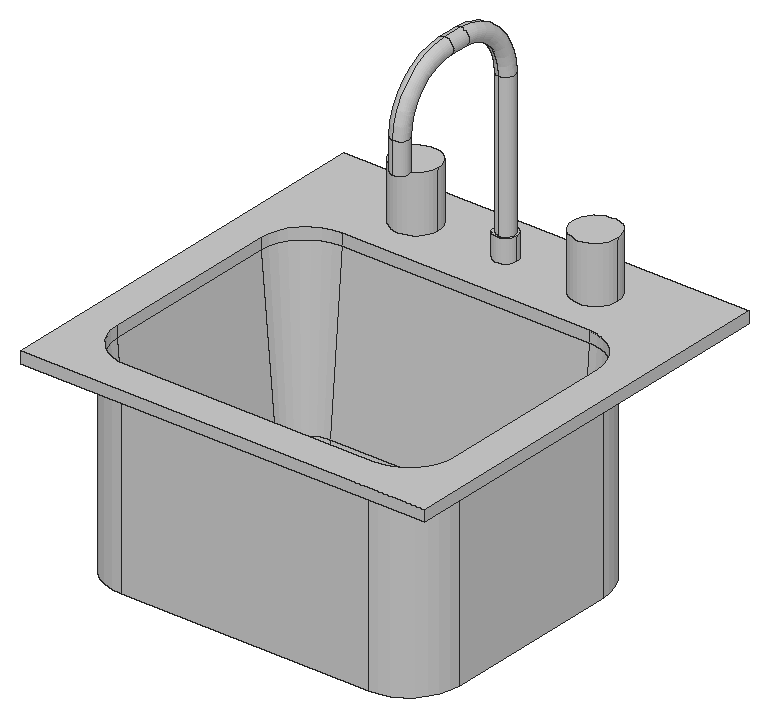
Revit family "Sink Kitchen-Island", category Plumbing Fixtures, Revit 2023
Family settings
  Round Connector Dimension = Use Diameter
  Part Type = Normal
  Work Plane-Based = No
  Enable Cutting in Views = No
  Always vertical = Yes
  Cut with Voids When Loaded = No
  Maintain Annotation Orientation = No
  Shared = Yes
  Room Calculation Point = No
Parameters (values of type "18" x 18"")
  Default Elevation = 0' - 0"
  Assembly Code = "D2010410"
  Counter Height = 3' - 0"
  Depth = 1' - 6"
  Faucet Material = Steel, Polished
  Sink Material = Steel, Polished
  Width = 1' - 6"
Reference planes (in)
  plane 1 "Center (Front/Back)": y = 0.09234
  plane 2: z = 0
  plane 3 "Center (Left/Right)": x = 0.61769
  plane 4: y = 9.09234
  plane 5: y = -8.90766
  plane 6: x = -8.38231
  plane 7: x = 9.61769
  plane 8 "Top Of Counter": z = 36
  plane 9: z = 36.5
  plane 10: z = 27.5
  plane 11: y = 4.59234
  plane 12: x = -6.88231
  plane 13: y = -7.40766
  plane 14: x = 8.11769
  plane 15: x = -3.38231
  plane 16: x = 4.61769
  plane 17: y = 6.84234
  plane 18: y = 6.84234
  plane 19: y = 6.84234
  plane 20: z = 46.375
  plane 21: y = 0.96734
  plane 22: z = 39
  plane 23: z = 37.5
Forms (in)
  Extrusion 1, solid, material "Steel, Polished" <- "Sink Material"
    sketch origin (0, 0, 0) x (1, 0, 0) y (0, 1, 0)
      loop
        line (-8.38231, 9.09234) -> (-8.38231, -8.90766) -> (9.61769, -8.90766) -> (9.61769, 9.09234) -> (-8.38231, 9.09234)
      loop
        arc (-4.88231, 4.59234) -> (-6.29653, 4.00655) -> (-6.88231, 2.59234) r 2
        line (-6.88231, 2.59234) -> (-6.88231, -5.40766)
        arc (-6.88231, -5.40766) -> (-6.29653, -6.82187) -> (-4.88231, -7.40766) r 2
        line (-4.88231, -7.40766) -> (6.11769, -7.40766)
        arc (6.11769, -7.40766) -> (7.5319, -6.82187) -> (8.11769, -5.40766) r 2
        line (8.11769, -5.40766) -> (8.11769, 2.59234)
        arc (8.11769, 2.59234) -> (7.5319, 4.00655) -> (6.11769, 4.59234) r 2
        line (6.11769, 4.59234) -> (-4.88231, 4.59234)
    from 36 to 36.5
  Sweep 2, solid, material "Steel, Polished" <- "Sink Material"
    path origin (0, 0, 0) x (1, 0, 0) y (0, 1, 0)
      loop
        arc (-4.88231, 4.59234) -> (-6.29653, 4.00655) -> (-6.88231, 2.59234) r 2
        line (-6.88231, 2.59234) -> (-6.88231, -5.40766)
        arc (-6.88231, -5.40766) -> (-6.29653, -6.82187) -> (-4.88231, -7.40766) r 2
        line (-4.88231, -7.40766) -> (6.11769, -7.40766)
        arc (6.11769, -7.40766) -> (7.5319, -6.82187) -> (8.11769, -5.40766) r 2
        line (8.11769, -5.40766) -> (8.11769, 2.59234)
        arc (8.11769, 2.59234) -> (7.5319, 4.00655) -> (6.11769, 4.59234) r 2
        line (6.11769, 4.59234) -> (-4.88231, 4.59234)
    profile origin (0.61769, 0, 0) x (0, 1, 0) y (0, 0, 1)
      loop
        line (4.59234, 36) -> (3.94139, 28.55963)
        arc (3.94139, 28.55963) -> (3.70094, 28.07204) -> (3.19424, 27.875) r 0.75
        line (3.19424, 27.875) -> (3.09234, 27.875) -> (3.09234, 27.5) -> (4.84234, 27.5) -> (4.84234, 36) -> (4.59234, 36)
  Extrusion 3, solid, material "Steel, Polished" <- "Sink Material"
    sketch origin (0, 0, 0) x (1, 0, 0) y (0, 1, 0)
      loop
        arc (-4.88231, 3.09234) -> (-5.23587, 2.94589) -> (-5.38231, 2.59234) r 0.5
        line (-5.38231, 2.59234) -> (-5.38231, -5.40766)
        arc (-5.38231, -5.40766) -> (-5.23587, -5.76121) -> (-4.88231, -5.90766) r 0.5
        line (-4.88231, -5.90766) -> (6.11769, -5.90766)
        arc (6.11769, -5.90766) -> (6.47124, -5.76121) -> (6.61769, -5.40766) r 0.5
        line (6.61769, -5.40766) -> (6.61769, 2.59234)
        arc (6.61769, 2.59234) -> (6.47124, 2.94589) -> (6.11769, 3.09234) r 0.5
        line (6.11769, 3.09234) -> (-4.88231, 3.09234)
      loop
        circle (0.61769, 0) r 1
    from 27.5 to 27.875
  Extrusion 4, solid, material "Steel, Polished" <- "Faucet Material"
    sketch origin (0, 0, 0) x (1, 0, 0) y (0, 1, 0)
      loop
        circle (-3.38231, 6.84234) r 1
      loop
        circle (4.61769, 6.84234) r 1
    from 36.5 to 39
  Sweep 5, solid, material "Steel, Polished" <- "Faucet Material"
    path origin (0.61769, 0, 0) x (0, 1, 0) y (0, 0, 1)
      loop
        line (6.84234, 36.5) -> (6.84234, 43.875)
        arc (6.84234, 43.875) -> (6.11011, 45.64277) -> (4.34234, 46.375) r 2.5
        line (4.34234, 46.375) -> (3.46734, 46.375)
        arc (3.46734, 46.375) -> (1.69957, 45.64277) -> (0.96734, 43.875) r 2.5
        line (0.96734, 43.875) -> (0.96734, 42.5)
    profile origin (0.61769, 0, 40.1875) x (0, -1, 0) y (1, 0, 0)
      loop
        circle (-6.84234, 0) r 0.375
  Extrusion 6, solid, material "Steel, Polished" <- "Faucet Material"
    sketch origin (0, 0, 0) x (1, 0, 0) y (0, 1, 0)
      loop
        circle (0.61769, 6.84234) r 0.5
    from 36.5 to 37.5
Cuts and joins
  joined: Sweep 5, Extrusion 6
  joined: Extrusion 1, Sweep 2
Lines and regions (in)
  Masking region 1
    outline origin (0, 0, 36) x (0, -1, 0) y (1, 0, 0)
      loop
        line (-9.09234, -8.38231) -> (8.90766, -8.38231) -> (8.90766, 9.61769) -> (-9.09234, 9.61769) -> (-9.09234, -8.38231)
  symbolic lines
    curve 1: arc (1.61769, 0, 36) -> (0.61769, 1, 36) -> (-0.38231, 0, 36) r 1
    curve 2: arc (-0.38231, 0, 36) -> (0.61769, -1, 36) -> (1.61769, 0, 36) r 1
    curve 3: line (-6.88231, 2.59234, 36) -> (-6.88231, -5.40766, 36)
    curve 4: line (-4.88231, -7.40766, 36) -> (6.11769, -7.40766, 36)
    curve 5: line (8.11769, -5.40766, 36) -> (8.11769, 2.59234, 36)
    curve 6: line (6.11769, 4.59234, 36) -> (1.11769, 4.59234, 36)
    curve 7: arc (8.11769, 2.59234, 36) -> (7.5319, 4.00655, 36) -> (6.11769, 4.59234, 36) r 2
    curve 8: arc (6.11769, -7.40766, 36) -> (7.5319, -6.82187, 36) -> (8.11769, -5.40766, 36) r 2
    curve 9: arc (-6.88231, -5.40766, 36) -> (-6.29653, -6.82187, 36) -> (-4.88231, -7.40766, 36) r 2
    curve 10: arc (1.11769, 6.84234, 36) -> (0.61769, 7.34234, 36) -> (0.11769, 6.84234, 36) r 0.5
    curve 11: line (0.11769, 6.84234, 36) -> (0.11769, 2.09234, 36)
    curve 12: line (1.11769, 6.84234, 36) -> (1.11769, 2.09234, 36)
    curve 13: arc (1.11769, 2.09234, 36) -> (0.61769, 1.59234, 36) -> (0.11769, 2.09234, 36) r 0.5
    curve 14: line (0.11769, 4.59234, 36) -> (-4.88231, 4.59234, 36)
    curve 15: arc (-2.38231, 6.84234, 36) -> (-3.38231, 7.84234, 36) -> (-4.38231, 6.84234, 36) r 1
    curve 16: arc (-4.38231, 6.84234, 36) -> (-3.38231, 5.84234, 36) -> (-2.38231, 6.84234, 36) r 1
    curve 17: arc (5.61769, 6.84234, 36) -> (4.61769, 7.84234, 36) -> (3.61769, 6.84234, 36) r 1
    curve 18: arc (3.61769, 6.84234, 36) -> (4.61769, 5.84234, 36) -> (5.61769, 6.84234, 36) r 1
    curve 19: arc (-6.88231, 2.59234, 36) -> (-6.29653, 4.00655, 36) -> (-4.88231, 4.59234, 36) r 2
Dimensions and locks (in)
  equal spacing: plane 6, plane 3 "Center (Left/Right)", plane 7
  "Width": plane 6 to plane 7
  equal spacing: plane 5, plane 1 "Center (Front/Back)", plane 4
  "Depth": plane 5 to plane 4
  "Counter Height": plane 8 "Top Of Counter" to plane 2
  locked: plane 9 to plane 8 "Top Of Counter" at 0.5
  locked: plane 8 "Top Of Counter" to plane 10 at 8.5
  locked: plane 6 to plane 12 at 1.5
  locked: plane 14 to plane 7 at 1.5
  locked: plane 11 to plane 4 at 4.5
  locked: plane 5 to plane 13 at 1.5
  equal spacing: plane 11, plane 17, plane 4
  equal spacing: plane 11, plane 18, plane 4
  equal spacing: plane 4, plane 19, plane 11
  locked: plane 19 to plane 21 at 5.875
  locked: plane 20 to plane 9 at 9.875
  locked: plane 22 to plane 9 at 2.5
  locked: plane 23 to plane 9 at 1
  locked: plane 15 to plane 3 "Center (Left/Right)" at 4
  locked: plane 3 "Center (Left/Right)" to plane 16 at 4
  radius of Extrusion 4 sketch curve = 0' - 1"  (x2)
  aligned and locked: Extrusion 1 sketch curve to plane 5
  aligned and locked: plane 7 to Extrusion 1 sketch curve
  aligned and locked: plane 4 to Extrusion 1 sketch curve
  aligned and locked: Extrusion 1 sketch curve to plane 6
  aligned and locked: plane 8 "Top Of Counter" to Extrusion 1
  aligned and locked: Extrusion 1 to plane 9
  aligned and locked: plane 11 to Extrusion 1 sketch curve
  aligned and locked: plane 14 to Extrusion 1 sketch curve
  aligned and locked: Extrusion 1 sketch curve to plane 12
  aligned and locked: Extrusion 1 sketch curve to plane 13
  aligned and locked: plane 11 to Sweep 2 sketch curve
  aligned and locked: plane 14 to Sweep 2 sketch curve
  aligned and locked: Sweep 2 sketch curve to plane 12
  aligned and locked: Sweep 2 sketch curve to plane 13
  aligned and locked: Sweep 2 to Extrusion 3 sketch curve  (x4)
  aligned and locked: Sweep 2 to Extrusion 3
  aligned and locked: plane 10 to Extrusion 3
  aligned and locked: Sweep 2 sketch curve to plane 10
  aligned and locked: plane 8 "Top Of Counter" to Sweep 2 sketch curve
  aligned and locked: Extrusion 4 to Extrusion 1
  aligned and locked: Extrusion 6 to Extrusion 1
  aligned and locked: Sweep 5 sketch curve to plane 19
  aligned and locked: plane 20 to Sweep 5 sketch curve
  aligned and locked: plane 21 to Sweep 5 sketch curve
  aligned and locked: Extrusion 4 to plane 22
  aligned and locked: Extrusion 6 to plane 23
  aligned and locked: Masking region 1 sketch curve to plane 6
  aligned and locked: plane 4 to Masking region 1 sketch curve
  aligned and locked: plane 7 to Masking region 1 sketch curve
  aligned and locked: Masking region 1 sketch curve to plane 5
  aligned and locked: plane 15 to Extrusion 4 sketch curve
  aligned and locked: plane 17 to Extrusion 4 sketch curve  (x2)
  aligned and locked: plane 16 to Extrusion 4 sketch curve
  aligned and locked: curve 15 to Extrusion 4
  aligned and locked: curve 17 to Extrusion 4
  aligned and locked: curve 19 to cut or joined group of Extrusion 1, Sweep 2
Automatic sketch dimensions
  Sweep 2 sketch curve to plane 12 = 0' - 2"
  Sweep 2 sketch curve to Sweep 2 sketch curve = 0' - 2"
  plane 11 to Sweep 2 sketch curve = 0' - 2"
  plane 14 to Sweep 2 sketch curve = 0' - 2"
  Extrusion 1 sketch curve to plane 12 = 0' - 2"  (x2)
  plane 14 to Extrusion 1 sketch curve = 0' - 2"  (x2)
  Extrusion 3 sketch curve to plane 3 "Center (Left/Right)" = 0' - 0"
  Extrusion 3 sketch curve to Extrusion 3 sketch curve = 0' - 0 1/2"  (x4)
  plane 1 "Center (Front/Back)" to Extrusion 3 sketch curve = 0' - 0.09234"
  Extrusion 3 sketch curve to plane 3 "Center (Left/Right)" = 0' - 1"
  Sweep 2 sketch curve to profile plane = 0' - 0"
  profile plane to Sweep 2 sketch curve = 0' - 0.65095"
  Sweep 2 sketch curve to Sweep 2 sketch curve = 0' - 0.74715"
  Sweep 2 sketch curve to Sweep 2 sketch curve = 0' - 0.10191"
  Sweep 2 sketch curve to profile plane = 0' - 0 1/4"
  Sweep 2 sketch curve to Sweep 2 sketch curve = 0' - 0 3/8"
  Sweep 2 sketch curve to Sweep 2 sketch curve = 0' - 0.68463"
  Sweep 5 sketch curve to plane 3 "Center (Left/Right)" = 0' - 0"
  Sweep 5 sketch curve to profile plane = 0' - 0"
  profile plane to Sweep 5 sketch curve = 0' - 0 3/8"
  Extrusion 6 sketch curve to plane 18 = 0' - 0"
  Extrusion 6 sketch curve to plane 3 "Center (Left/Right)" = 0' - 0"
  Extrusion 6 sketch curve to plane 3 "Center (Left/Right)" = 0' - 0 1/2"
  Sweep 5 sketch curve to plane 9 = 0' - 0"
  Sweep 5 sketch curve to Sweep 5 sketch curve = 0' - 2 1/2"
  plane 11 to Sweep 5 sketch curve = 0' - 0 1/4"
  Sweep 5 sketch curve to Sweep 5 sketch curve = 0' - 1 3/8"
  curve 10 to plane 3 "Center (Left/Right)" = 0' - 0"
  curve 7 to plane 11 = 0' - 0"
  curve 5 to plane 14 = 0' - 0"
  curve 1 to plane 3 "Center (Left/Right)" = 0' - 0"
  curve 4 to plane 13 = 0' - 0"
  plane 4 to curve 10 = 0' - 2 1/4"
  plane 11 to curve 5 = 0' - 2"
  curve 11 to plane 3 "Center (Left/Right)" = 0' - 0 1/2"
  curve 11 to plane 1 "Center (Front/Back)" = 0' - 2"
  plane 1 "Center (Front/Back)" to curve 1 = 0' - 0.09234"
  curve 9 to plane 13 = 0' - 2"
  curve 8 to plane 13 = 0' - 2"
  curve 1 to plane 3 "Center (Left/Right)" = 0' - 1"
Connectors (in)
  piping at (0.61769, 0, 27.5), diameter 0.75
    settings: on Extrusion 3, index 1, connector inside diameter 24", connector length 0' - 0", flow factor 0, pipe flow 0 GPM, pressure drop 8.00 psi, fitting loss kfactor 0, connector angle 0.00°, fixture units 3, engagement length 0' - 0", angle of deflection 0.00°, flow configuration 3, flow direction 2, fitting loss method 4, system type 16, joint type 0, gender type 0, connector reference index -1, connector utility 0, adjustable connector no, is connector primary yes, connector description ""
  piping at (-3.38231, 6.84234, 36.5), diameter 0.25
    settings: on Extrusion 4, index 2, connector inside diameter 24", connector length 0' - 0", flow factor 0, pipe flow 0 GPM, pressure drop 8.00 psi, fitting loss kfactor 0, connector angle 0.00°, fixture units 3, engagement length 0' - 0", angle of deflection 0.00°, flow configuration 3, flow direction 1, fitting loss method 4, system type 19, joint type 0, gender type 0, connector reference index -1, connector utility 0, adjustable connector no, is connector primary no, connector description ""
  piping at (4.61769, 6.84234, 36.5), diameter 0.25
    settings: on Extrusion 4, index 3, connector inside diameter 24", connector length 0' - 0", flow factor 0, pipe flow 0 GPM, pressure drop 8.00 psi, fitting loss kfactor 0, connector angle 0.00°, fixture units 3, engagement length 0' - 0", angle of deflection 0.00°, flow configuration 3, flow direction 1, fitting loss method 4, system type 20, joint type 0, gender type 0, connector reference index -1, connector utility 0, adjustable connector no, is connector primary no, connector description ""
